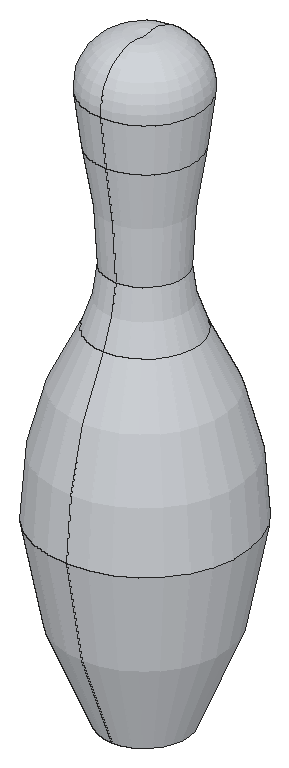
Revit family
Parameters (values of type "15" x 18"")
  Assembly Code = "E2020200"
  Cabinet Material = Metal - Paint Finish - Ivory,Glossy
  Depth = 1' - 6"
  Handle Material = Metal - Chrome
  Height = 4' - 4"
  Width = 1' - 3"
Types (6): name | Depth | Height | Width
  15" x 18" | 1' - 6" | 4' - 4" | 1' - 3"
  15" x 25" | 2' - 1" | 4' - 4" | 1' - 3"
  15" x 29" | 2' - 5" | 4' - 4" | 1' - 3"
  18" x 29" | 2' - 5" | 4' - 4" | 1' - 6"
  36" x 15" Lat. | 1' - 3" | 4' - 5" | 3' - 0"
  36" x 18" Lat. | 1' - 6" | 4' - 5" | 3' - 0"
Reference planes (in)
  plane 1: z = 0
  plane 2: z = 52
  plane 3: z = 23.27622
  plane 4: z = 0
Forms (in)
  Revolve 1, solid
    sketch origin (-11.95961, -32.59584, 0) x (0, 0, -1) y (0, -1, 0)
      loop
        line (0, -21.64021) -> (-15, -21.64021)
        arc (-15, -21.64021) -> (-14.74496, -22.63209) -> (-13.78511, -22.98925) r 1.10584
        line (-13.78511, -22.98925) -> (-12.625, -22.84321)
        arc (-12.625, -22.84321) -> (-11.3209, -22.61852) -> (-10, -22.53871) r 12.00651
        arc (-10, -22.53871) -> (-9.29622, -22.64114) -> (-8.625, -22.87621) r 3.70319
        arc (-8.625, -22.87621) -> (-6.64613, -23.75049) -> (-4.5, -24.02321) r 7.4959
        arc (-4.5, -24.02321) -> (-2.17934, -23.57199) -> (0, -22.65571) r 11.49903
        line (0, -22.65571) -> (0, -21.64021)
      axis (0, -21.64021) -> (-15, -21.64021)
    angle from 0 to 360
Dimensions and locks (in)
  "Height": plane 2 to plane 1
Automatic sketch dimensions
  Revolve 1 sketch curve to level = 0' - 0"  (x2)
  level to Revolve 1 sketch curve = 0' - 4 1/2"
  level to Revolve 1 sketch curve = 0' - 4.63801"
  Revolve 1 sketch curve to Revolve 1 sketch curve = 0' - 0.88479"
  Revolve 1 sketch curve to Revolve 1 sketch curve = 0' - 4 1/8"
  level to Revolve 1 sketch curve = 0' - 9.93743"
  Revolve 1 sketch curve to Revolve 1 sketch curve = 0' - 1 3/8"
  Revolve 1 sketch curve to Revolve 1 sketch curve = 0' - 1.55398"
  Revolve 1 sketch curve to Revolve 1 sketch curve = 0' - 2 5/8"
  Revolve 1 sketch curve to Revolve 1 sketch curve = 0' - 1.16011"
  Revolve 1 sketch curve to Revolve 1 sketch curve = 0' - 0.13811"
  Revolve 1 sketch curve to Revolve 1 sketch curve = 0' - 1.07678"
  Revolve 1 sketch curve to Revolve 1 sketch curve = 0' - 1 1/2"
  Revolve 1 sketch curve to Revolve 1 sketch curve = 0' - 8.30748"
  Revolve 1 sketch curve to Revolve 1 sketch curve = 0' - 2.21436"
  Revolve 1 sketch curve to Revolve 1 sketch curve = 0' - 3.24833"
  Revolve 1 sketch curve to Revolve 1 sketch curve = 0' - 3.36136"
  Revolve 1 sketch curve to Revolve 1 sketch curve = 0' - 1.3675"
  Revolve 1 sketch curve to Revolve 1 sketch curve = 0' - 1.09718"
  Revolve 1 sketch curve to Revolve 1 sketch curve = 0' - 0"
